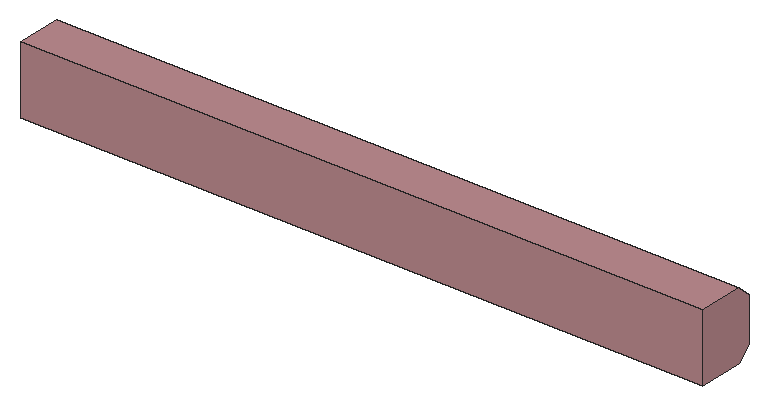
Revit family
Parameters (values of type "125 x 150mm Deep")
  Opening Width [instance] = 1210.0 mm
  Material Lintol = Masonry - Brick Soldier Course
  Lintol Width = 125.0 mm
  Lintol Offset from Ext = 25.0 mm
  Lintol Length [instance] = Opening Width + 2 * (Lintol Bearing)  # 1510.0 mm
  Lintol Depth = 150.0 mm
  Lintol Bearing = 150.0 mm
  Keynote = "F10"
  Height to U/S Lintol [instance] = 2110.0 mm
  Chamfer Dist = 25.0 mm
Types (2, lengths in mm): name | Lintol Depth
  125 x 215mm Deep | 215.0
  125 x 150mm Deep | 150.0
Reference planes
  plane 1 "Wall": y = -11.298
  plane 2 "Center (Left/Right)": x = 161.814
  plane 3 "Back": y = 138.702
  plane 4 "U/S Lintol": z = 2260
  plane 5: x = 766.814
  plane 6: x = -443.186
  plane 7: x = 916.814
  plane 8: x = -593.186
  plane 9: y = 163.702
  plane 10: y = 38.702
  plane 11: z = 2110
  plane 12: y = 138.702
  plane 13: z = 2235
  plane 14: z = 2135
Forms (mm)
  Extrusion 1, void
    sketch origin (0, 138.702, 0) x (-1, 0, 0) y (0, 0, 1)
      loop
        line (-916.814, 2260) -> (-916.814, 2110) -> (593.186, 2110) -> (593.186, 2260) -> (-916.814, 2260)
    from 0 to -100
  Extrusion 2, solid, material "Masonry - Brick Soldier Course" <- "Material Lintol"
    sketch origin (0, 138.702, 0) x (1, 0, 0) y (0, 0, 1)
      loop
        line (916.814, 2260) -> (-593.186, 2260) -> (-593.186, 2110) -> (916.814, 2110) -> (916.814, 2260)
    from -25 to 100
  Extrusion 3, void
    sketch origin (161.814, 0, 0) x (0, -1, 0) y (0, 0, 1)
      loop
        line (-163.702, 2235) -> (-138.702, 2260) -> (-163.702, 2260) -> (-163.702, 2235)
      loop
        line (-138.702, 2110) -> (-163.702, 2135) -> (-163.702, 2110) -> (-138.702, 2110)
    from -755 to 755
Cuts and joins
  Extrusion 3 cuts Extrusion 2
Text (mm)
  text "Placement side" at (-1848.837, 1116.779, 0), in view "Ref. Level"
  text "Placement side" at (0, 1409.804, 2854.306), in view "Left"
  text "Placement side" at (0, 499.811, 2980.732), in view "Right"
Dimensions and locks
  locked: plane 3 "Back" to host wall
  equal spacing: plane 5, plane 2 "Center (Left/Right)", plane 6
  "Opening Width": plane 5 to plane 6
  "Lintol Bearing": plane 7 to plane 5
  "Lintol Bearing": plane 6 to plane 8
  "Lintol Offset from Ext": plane 3 "Back" to plane 9
  "Lintol Width": plane 10 to plane 9
  "Lintol Depth": plane 11 to plane 4 "U/S Lintol"
  "Height to U/S Lintol": level to plane 11
  "Chamfer Dist": plane 13 to plane 4 "U/S Lintol"
  "Chamfer Dist": plane 11 to plane 14
  "Chamfer Dist": plane 12 to plane 9
  aligned and locked: plane 1 "Wall" to host wall
  aligned and locked: Extrusion 1 to plane 10
  aligned and locked: host wall to Extrusion 1
  aligned and locked: plane 9 to Extrusion 2
  aligned and locked: Extrusion 2 to plane 10
  aligned and locked: cut or joined group of Extrusion 2, Extrusion 3 to plane 8
  aligned and locked: plane 7 to cut or joined group of Extrusion 2, Extrusion 3
Automatic sketch dimensions
  Extrusion 1 sketch curve to plane 7 = 0.0 mm
  Extrusion 1 sketch curve to plane 8 = 0.0 mm
  Extrusion 1 sketch curve to plane 11 = 0.0 mm
  Extrusion 1 sketch curve to plane 4 "U/S Lintol" = 0.0 mm
  Extrusion 2 sketch curve to plane 4 "U/S Lintol" = 0.0 mm
  Extrusion 2 sketch curve to plane 8 = 0.0 mm
  Extrusion 2 sketch curve to plane 7 = 0.0 mm
  Extrusion 2 sketch curve to plane 11 = 0.0 mm
  Extrusion 3 sketch curve to plane 9 = 0.0 mm  (x2)
  Extrusion 3 sketch curve to plane 4 "U/S Lintol" = 0.0 mm
  Extrusion 3 sketch curve to plane 12 = 0.0 mm  (x2)
  Extrusion 3 sketch curve to plane 11 = 0.0 mm
  Extrusion 3 sketch curve to plane 14 = 0.0 mm
  Extrusion 3 sketch curve to plane 13 = 0.0 mm
